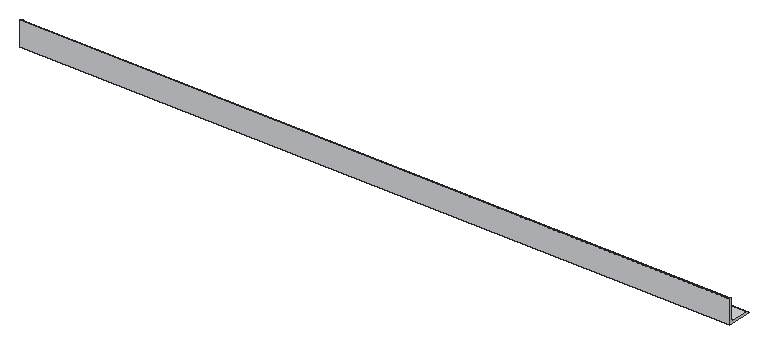
Revit family "AVLN_Набор перемычек", category Обобщенные модели, Revit 2021
Family settings
  Основа = Стена
  Может служить основой для арматурных стержней = Нет
  Размер круглого соединителя = Использовать диаметр
  Тип детали = Нормальный
  Всегда вертикально = Да
  При загрузке вырезать с полостями = Нет
  Общий = Да
  Точка принадлежности помещению = Нет
Parameters (values of type "АР3.1_ПР14_У_120_3630")
  Элемент 9(3) = Перемычки - Пластина (ГОСТ 103-76) : 50х4, L=200
  Элемент 8(2)_Материал = none
  Элемент 8(2) = Перемычки - Уголок (ГОСТ 8509-93) : 160х10, L=190
  Элемент 9(3)_Материал = none
  Элемент 6(1)_Материал = none
  Элемент 6(1) = Перемычки - Уголок (ГОСТ 8509-93) : 160х10, L=190
  Элемент 5(1)_Материал = none
  Элемент 5(1) = Перемычки - Арматура (ГОСТ 34028-2016) : АIII ∅12, L=1500
  Элемент 4(1)_Материал = none
  Элемент 4(1) = Перемычки - Арматура (ГОСТ 34028-2016) : АIII ∅12, L=1500
  Элемент 3(1)_Материал = none
  Элемент 3(1) = Перемычки - Арматура (ГОСТ 34028-2016) : АIII ∅12, L=1500
  Элемент 2(1)_Материал = none
  Элемент 2(1) = Перемычки - Уголок (ГОСТ 8509-93)(Зеркальный) : 40х4, L=2150(Зеркальный)
  Элемент 1(1)_Материал = none
  Элемент 1(1) = Перемычки - Уголок (ГОСТ 8509-93) : 120х8, L=3630
  Ширина проема Элементы8(2)_9(3) = 3130 mm
  Элементы соединительные(3) = no
  Элементы горизонтальные(1) = yes
  Шаг анкера = 60 mm
  Стена_толщина = 120 mm
  Полка_правая = 250 mm
  Полка_левая = 250 mm
  Отступ анкера = 30 mm
  Отметка по умолчанию = 0 mm
  Область маскировки = yes
  Комментарии к типоразмеру = "Фасад_АР3.1"
  Количество анкеров на уголок = 2
  Горизонтальное смещение Элемент1-6(1) = (Полка_правая - Полка_левая) / 2  # 0 mm
  Расчетное расстояние от произвольной плоскости = Расстояние от вспомогательной плоскости + [Горизонтальное смещение Элемент1-6(1)]  # 2500 mm
  Расстояние от вспомогательной плоскости = 2500 mm  # constant formula
  Соединительные Привязка_Элемент 9(3) = ([Ширина проема Элементы8(2)_9(3)] - ([Количество соединительные Элементы 9(3)] - 1) * [Шаг соединительные Элементы 9(3)]) / 2  # 1315 mm
  Количество соединительные Элементы 9(3) = 2
  Шаг соединительные Элементы 9(3) = 500 mm
  Высота Элемент 8(2) = 10 mm
  Элементы крепления(2) = no
  Отступ Элемент 8(2) = 0 mm
  Высота Элемент 9(3) = -4 mm
  Высота Элемент 6(1) = 0 mm
  Элемент 6(1)_Видимость = if(and([Элементы горизонтальные(1)]), Количество горизонтальных элементов > 5, Видимость_not)  # no
  Высота Элемент 5(1) = 0 mm
  Элемент 5(1)_Видимость = if(and([Элементы горизонтальные(1)]), Количество горизонтальных элементов > 4, Видимость_not)  # no
  Высота Элемент 4(1) = 0 mm
  Элемент 4(1)_Видимость = if(and([Элементы горизонтальные(1)]), Количество горизонтальных элементов > 3, Видимость_not)  # no
  Высота Элемент 3(1) = 0 mm
  Элемент 3(1)_Видимость = if(and([Элементы горизонтальные(1)]), Количество горизонтальных элементов > 2, Видимость_not)  # no
  Высота Элемент 2(1) = 0 mm
  Элемент 2(1)_Видимость = if(and([Элементы горизонтальные(1)]), Количество горизонтальных элементов > 1, Видимость_not)  # no
  Высота Элемент 1(1) = 8 mm
  Отступ от 5 до 6 = 0 mm
  Отступ от 4 до 5 = 0 mm
  Отступ от 3 до 4 = 0 mm
  Отступ от 2 до 3 = 0 mm
  Отступ от 1 до 2 = 192 mm
  Отступ до Элемент 1 = 0 mm
  Область видимости_По высоте вниз [instance] = 1200 mm
  Крепление_Справа_Видимость = if(and([Элементы крепления(2)], [Крепление_Справа(2)]), [Видимость Элемент 8(2)], Видимость_not)  # no
  Крепление_Справа(2) = no
  Крепление_Слева_Видимость = if(and([Элементы крепления(2)], [Крепление_Слева(2)]), [Видимость Элемент 8(2)], Видимость_not)  # no
  Крепление_Слева(2) = no
  Количество горизонтальных элементов = 1
  Группа модели = "Перемычки"  # constant formula
  Высота Анкер = 30 mm
  Видимость Элемент 8(2) = Видимость_Определение = 1 mm  # yes
  Видимость_Определение = 1 mm  # constant formula
  Видимость_not = Видимость_Определение = 2 mm  # no
  Анкер_справа_3_Видимость = and(Анкер справа, Количество анкеров на уголок > 2)  # no
  Анкер_справа_2_видимость = and(Анкер справа, Количество анкеров на уголок > 1)  # no
  Анкер_справа_1_видимость = and(Анкер справа, Количество анкеров на уголок > 0)  # no
  Анкер_слева_3_видимость = and(Анкер слева, Количество анкеров на уголок > 2)  # no
  Анкер_слева_2_видимость = and(Анкер слева, Количество анкеров на уголок > 1)  # no
  Анкер_слева_1_видимость = and(Анкер слева, Количество анкеров на уголок > 0)  # no
  Анкер справа = no
  Анкер слева = no
Reference planes
  plane 1 "Стена": y = 0
  plane 2 "По центру (Влево/Вправо)": x = 125
  plane 3 "Назад": y = 150
  plane 4: z = 0
  plane 5: y = -150
  plane 6: y = -150
  plane 7: y = 42
  plane 8: y = 42
  plane 9: y = 42
  plane 10: y = 42
  plane 11: y = 42
  plane 12: x = 1690
  plane 13: x = -1440
  plane 14: y = 360
  plane 15: x = -2375
  plane 16 "Анкер1": y = -120
  plane 17 "Анкер2": y = -60
  plane 18: x = 1940
  plane 19: x = -1690
  plane 20 "нкер3": y = 0
Lines and regions (mm)
  model lines, style "InvisibleLines"
    curve 1: line (125, 0, 0) -> (125, 0, -1200)
Text (mm)
  text "Сторона размещения" at (-2895.44, 3293.409, 0), in view "Опорный уровень"
  text "Сторона размещения" at (0, 1409.804, 2854.306), in view "Слева"
  text "Сторона размещения" at (0, 499.811, 2980.732), in view "Справа"
Dimensions and locks
  plane 3 "Назад" to plane 3 "Назад" = 0 mm
  "Отступ до Элемент 1": plane 6 to plane 5
  "Отступ от 1 до 2": plane 7 to plane 6
  "Отступ от 2 до 3": plane 8 to plane 7
  "Отступ от 3 до 4": plane 9 to plane 8
  "Отступ от 4 до 5": plane 10 to plane 9
  equal spacing: plane 13, plane 2 "По центру (Влево/Вправо)", plane 12
  "Ширина проема Элементы8(2)_9(3)": plane 13 to plane 12
  plane 13 to plane 12 = 3130 mm
  "Отступ Элемент 8(2)": nested 9 to plane 5
  "Отступ Элемент 8(2)": nested 8 to plane 5
  "Расстояние от вспомогательной плоскости": plane 15 to plane 2 "По центру (Влево/Вправо)"
  "Расчетное расстояние от произвольной плоскости": plane 15 to nested 2
  "Расчетное расстояние от произвольной плоскости": plane 15 to nested 3
  "Расчетное расстояние от произвольной плоскости": plane 15 to nested 4
  "Расчетное расстояние от произвольной плоскости": plane 15 to nested 7
  "Расчетное расстояние от произвольной плоскости": plane 15 to nested 5
  "Расчетное расстояние от произвольной плоскости": plane 15 to nested 6
  "Область видимости_По высоте вниз": level to curve 1
  "Область видимости_По высоте вниз": curve 1 to level
  "Соединительные Привязка_Элемент 9(3)": plane 13 to nested 10
  group 1 to group 2 = 500 mm
  group 2 to group 1 = 0 mm
  group 1 to group 2 = 0 mm
  plane 5 to nested 1 to plane 3 "Назад" = 150 mm, 150 mm
  plane 6 to plane 5 = 0 mm
  "Отступ анкера": plane 16 "Анкер1" to plane 5
  "Шаг анкера": plane 17 "Анкер2" to plane 16 "Анкер1"
  "Отступ от 5 до 6": plane 10 to plane 11
  plane 2 "По центру (Влево/Вправо)" to nested 2 = 0 mm
  "Полка_правая": plane 18 to plane 12
  "Полка_левая": plane 19 to plane 13
  "Шаг анкера": plane 17 "Анкер2" to plane 20 "нкер3"
  aligned and locked: plane 1 "Стена" to host wall
  aligned and locked: level to plane 4
  aligned and locked: host wall to plane 5
  aligned and locked: curve 1 to host wall
  aligned and locked: plane 6 to nested 2
  aligned and locked: nested 3 to plane 7
  aligned and locked: nested 4 to plane 8
  aligned and locked: nested 5 to plane 10
  aligned and locked: nested 6 to plane 11
  aligned and locked: nested 7 to plane 9
  aligned and locked: plane 2 "По центру (Влево/Вправо)" to nested 1
  aligned and locked: nested 11 to plane 6
  aligned and locked: nested 10 to plane 6
  aligned and locked: plane 17 "Анкер2" to nested 12
  aligned and locked: plane 16 "Анкер1" to nested 14
  aligned and locked: nested 13 to plane 17 "Анкер2"
  aligned and locked: nested 15 to plane 16 "Анкер1"
  aligned and locked: nested 1 to host wall
  aligned and locked: plane 18 to nested 8
  aligned and locked: plane 18 to nested 12
  aligned and locked: plane 18 to nested 14
  aligned and locked: plane 19 to nested 9
  aligned and locked: nested 13 to plane 19
  aligned and locked: nested 15 to plane 19
  aligned and locked: nested 16 to plane 20 "нкер3"
  aligned and locked: nested 17 to plane 19
  aligned and locked: plane 18 to nested 16
  aligned and locked: plane 20 "нкер3" to nested 17
  aligned and locked: nested 8 to level
  aligned and locked: nested 2 to level
Automatic sketch dimensions
  plane 2 "По центру (Влево/Вправо)" to curve 1 = 0 mm
  curve 1 to level = 0 mm
Nested families
  nested 1: "Прозрачный прямоугольник - Элементы узлов" at (125, -60, 0), b <- "Ширина проема Элементы8(2)_9(3)", visible <- "Область маскировки", Полка_левая <- "Полка_левая", Полка_правая <- "Полка_правая", a <- "Стена_толщина", ADSK_Обозначение <- "Комментарии к типоразмеру", type "Прозрачный прямоугольник - Элементы узлов"
    with Полка_правая 250 mm, Полка_левая 250 mm, b 3130 mm, a 120 mm, ADSK_Обозначение "Фасад_АР3.1"
  nested 2: "Перемычки - Уголок (ГОСТ 8509-93)" at (125, -142.2, 8), type <- "Элемент 1(1)", built-in parameter 1001364 <- "Высота Элемент 1(1)", Structural Material <- "Элемент 1(1)_Материал", visible <- "Элементы горизонтальные(1)", ADSK_Обозначение <- "Комментарии к типоразмеру", type "120х8, L=3630"
    with ADSK_Обозначение "Фасад_АР3.1", Масса 0.00 kg, b_Ширина 120 mm, L_Длина 3630 mm
  nested 3: "Перемычки - Уголок (ГОСТ 8509-93)(Зеркальный)" at (125, 49.8, 0), type <- "Элемент 2(1)", built-in parameter 1001364 <- "Высота Элемент 2(1)", visible <- "Элемент 2(1)_Видимость", Structural Material <- "Элемент 2(1)_Материал", ADSK_Обозначение <- "Комментарии к типоразмеру", type "40х4, L=2150(Зеркальный)"
    with ADSK_Обозначение "Фасад_АР3.1", Масса 5.203 kg, t_Толщина 4 mm, b_Ширина 40 mm, L_Длина 2150 mm
  nested 4: "Перемычки - Арматура (ГОСТ 34028-2016)" at (125, 48, 0), type <- "Элемент 3(1)", built-in parameter 1001364 <- "Высота Элемент 3(1)", visible <- "Элемент 3(1)_Видимость", Structural Material <- "Элемент 3(1)_Материал", ADSK_Обозначение <- "Комментарии к типоразмеру", type "АIII ∅12, L=1500"
    with Область маскировки yes, q 10.2 mm, k 17.109 mm, ADSK_Обозначение "Фасад_АР3.1", Масса 1.33105 kg, Длина 1500 mm, r 6 mm, d_Диаметр 12 mm
  nested 5: "Перемычки - Арматура (ГОСТ 34028-2016)" at (125, 48, 0), built-in parameter 1001364 <- "Высота Элемент 5(1)", visible <- "Элемент 5(1)_Видимость", type <- "Элемент 5(1)", Structural Material <- "Элемент 5(1)_Материал", ADSK_Обозначение <- "Комментарии к типоразмеру", type "АIII ∅12, L=1500"
    with Область маскировки yes, q 10.2 mm, k 17.109 mm, ADSK_Обозначение "Фасад_АР3.1", Масса 1.33105 kg, Длина 1500 mm, r 6 mm, d_Диаметр 12 mm
  nested 6: "Перемычки - Уголок (ГОСТ 8509-93)" at (125, 49.8, 0), type <- "Элемент 6(1)", built-in parameter 1001364 <- "Высота Элемент 6(1)", visible <- "Элемент 6(1)_Видимость", Structural Material <- "Элемент 6(1)_Материал", ADSK_Обозначение <- "Комментарии к типоразмеру", type "160х10, L=190"
    with ADSK_Обозначение "Фасад_АР3.1", Масса 4.6873 kg, t_Толщина 10 mm, b_Ширина 160 mm, L_Длина 190 mm
  nested 7: "Перемычки - Арматура (ГОСТ 34028-2016)" at (125, 48, 0), type <- "Элемент 4(1)", built-in parameter 1001364 <- "Высота Элемент 4(1)", visible <- "Элемент 4(1)_Видимость", Structural Material <- "Элемент 4(1)_Материал", ADSK_Обозначение <- "Комментарии к типоразмеру", type "АIII ∅12, L=1500"
    with Область маскировки yes, q 10.2 mm, k 17.109 mm, ADSK_Обозначение "Фасад_АР3.1", Масса 1.33105 kg, Длина 1500 mm, r 6 mm, d_Диаметр 12 mm
  nested 8: "Перемычки - Уголок (ГОСТ 8509-93)" at (1932.2, -55, 10) x (0, 1, 0) z (0, 0, 1), type <- "Элемент 8(2)", built-in parameter 1001364 <- "Высота Элемент 8(2)", visible <- "Крепление_Справа_Видимость", Structural Material <- "Элемент 8(2)_Материал", ADSK_Обозначение <- "Комментарии к типоразмеру", type "160х10, L=190"
    with ADSK_Обозначение "Фасад_АР3.1", Масса 4.6873 kg, t_Толщина 10 mm, b_Ширина 160 mm, L_Длина 190 mm
  nested 9: "Перемычки - Уголок (ГОСТ 8509-93)" at (-1682.2, -55, 10) x (0, 1, 0) z (0, 0, 1), type <- "Элемент 8(2)", built-in parameter 1001364 <- "Высота Элемент 8(2)", visible <- "Крепление_Слева_Видимость", Structural Material <- "Элемент 8(2)_Материал", ADSK_Обозначение <- "Комментарии к типоразмеру", type "160х10, L=190"
    with ADSK_Обозначение "Фасад_АР3.1", Масса 4.6873 kg, t_Толщина 10 mm, b_Ширина 160 mm, L_Длина 190 mm
  nested 10: "Перемычки - Пластина (ГОСТ 103-76)" at (-125, -50, -4) x (0, 1, 0) z (0, 0, 1), type <- "Элемент 9(3)", built-in parameter 1001364 <- "Высота Элемент 9(3)", visible <- "Элементы соединительные(3)", Structural Material <- "Элемент 9(3)_Материал", ADSK_Обозначение <- "Комментарии к типоразмеру", type "50х4, L=200"
    with ADSK_Обозначение "Фасад_АР3.1", Масса 0.314 kg, t_Толщина 4 mm, b_Ширина 50 mm, L_Длина 200 mm
  nested 11: "Перемычки - Пластина (ГОСТ 103-76)" at (375, -50, -4) x (0, 1, 0) z (0, 0, 1), type <- "Элемент 9(3)", built-in parameter 1001364 <- "Высота Элемент 9(3)", visible <- "Элементы соединительные(3)", Structural Material <- "Элемент 9(3)_Материал", ADSK_Обозначение <- "Комментарии к типоразмеру", type "50х4, L=200"
    with ADSK_Обозначение "Фасад_АР3.1", Масса 0.314 kg, t_Толщина 4 mm, b_Ширина 50 mm, L_Длина 200 mm
  nested 12: "Перемычки - Анкер" at (1932, -54.6, 30), visible <- "Анкер_справа_2_видимость", built-in parameter 1001364 <- "Высота Анкер", ADSK_Обозначение <- "Комментарии к типоразмеру", type "Анкер-шпилька HSAхМ8х75"
    with ADSK_Обозначение "Фасад_АР3.1", Масса 0.031 kg
  nested 13: "Перемычки - Анкер" at (-1682, -65.4, 30) x (-1, 0, 0) z (0, 0, 1), visible <- "Анкер_слева_2_видимость", built-in parameter 1001364 <- "Высота Анкер", ADSK_Обозначение <- "Комментарии к типоразмеру", type "Анкер-шпилька HSAхМ8х75"
    with ADSK_Обозначение "Фасад_АР3.1", Масса 0.031 kg
  nested 14: "Перемычки - Анкер" at (1932, -114.6, 30), visible <- "Анкер_справа_1_видимость", built-in parameter 1001364 <- "Высота Анкер", ADSK_Обозначение <- "Комментарии к типоразмеру", type "Анкер-шпилька HSAхМ8х75"
    with ADSK_Обозначение "Фасад_АР3.1", Масса 0.031 kg
  nested 15: "Перемычки - Анкер" at (-1682, -125.4, 30) x (-1, 0, 0) z (0, 0, 1), visible <- "Анкер_слева_1_видимость", built-in parameter 1001364 <- "Высота Анкер", ADSK_Обозначение <- "Комментарии к типоразмеру", type "Анкер-шпилька HSAхМ8х75"
    with ADSK_Обозначение "Фасад_АР3.1", Масса 0.031 kg
  nested 16: "Перемычки - Анкер" at (1932, 5.4, 30), visible <- "Анкер_справа_3_Видимость", built-in parameter 1001364 <- "Высота Анкер", ADSK_Обозначение <- "Комментарии к типоразмеру", type "Анкер-шпилька HSAхМ8х75"
    with ADSK_Обозначение "Фасад_АР3.1", Масса 0.031 kg
  nested 17: "Перемычки - Анкер" at (-1682, -5.4, 30) x (-1, 0, 0) z (0, 0, 1), visible <- "Анкер_слева_3_видимость", built-in parameter 1001364 <- "Высота Анкер", ADSK_Обозначение <- "Комментарии к типоразмеру", type "Анкер-шпилька HSAхМ8х75"
    with ADSK_Обозначение "Фасад_АР3.1", Масса 0.031 kg
Definition of nested family "Перемычки - Уголок (ГОСТ 8509-93)"
  Parameters (values of type "125х8, L=200")
    Сталь по настоящему стандарту = "С245 ГОСТ 27772-88"
    Description = "Уголки"  # constant formula
    Обозначение стандарта на сортамент = "ГОСТ 8509-93"  # constant formula
    Обозначение = "ГОСТ 8509-93"
    Наименование = ""
    Масса = size_lookup(Lookup, "Масса", 0.00 kg, b_Ширина, t_Толщина) / 1000 mm * L_Длина  # 3.092 kg
    Model = "Элементы перемычек"  # constant formula
    t_Толщина = 8 mm
    b_Ширина = 125 mm
    Lookup = "ГОСТ 8509-93. Уголки стальные горячекатаные равнополочные"  # constant formula
    L_Длина = 200 mm
    ADSK_Обозначение [instance] = ""
  Reference planes
    plane 1: z = 0
    plane 2 "По центру (Влево/Вправо)": x = 0
    plane 3: x = -100
    plane 4: x = 100
    plane 5: y = -7.8
  Forms (mm)
    Sweep 1, solid
      path origin (0, -7.8, -7.8) x (1, 0, 0) y (0, 1, 0)
        loop
          line (-100, 0) -> (100, 0)
      profile "Уголок (ГОСТ 8509-93)-Профиль-Высокий : Уголок (ГОСТ 8509-93)-Профиль-Высокий" origin (0, -7.8, -7.8) x (0, 1, 0) y (0, 0, 1)
        loop
          line (-8, 124.8) -> (-8, -0.2) -> (117, -0.2)
          arc (117, -0.2) -> (114.657, 5.457) -> (109, 7.8) r 8
          line (109, 7.8) -> (20.833, 7.8)
          arc (20.833, 7.8) -> (6.102, 13.902) -> (0, 28.633) r 20.833
          line (0, 28.633) -> (0, 116.8)
          arc (0, 116.8) -> (-2.343, 122.457) -> (-8, 124.8) r 8
  Dimensions and locks
    equal spacing: plane 3, plane 2 "По центру (Влево/Вправо)", plane 4
    "L_Длина": plane 3 to plane 4
    aligned and locked: plane 1 to level
    aligned and locked: Sweep 1 to plane 5
    aligned and locked: level to Sweep 1
  Automatic sketch dimensions
    Sweep 1 sketch curve to plane 3 = 0 mm
    Sweep 1 sketch curve to plane 4 = 0 mm
    Sweep 1 sketch curve to plane 5 = 0 mm
Definition of nested family "Перемычки - Уголок (ГОСТ 8509-93)(Зеркальный)"
  Parameters (values of type "50х6, L=1030(Зеркальный)")
    Сталь по настоящему стандарту = "С245 ГОСТ 27772-88"
    Description = "Уголки"  # constant formula
    Обозначение стандарта на сортамент = "ГОСТ 8509-93"  # constant formula
    Обозначение = "ГОСТ 8509-93"
    Наименование = "50x50x8 ГОСТ 8509-93"
    Масса = size_lookup(Lookup, "Масса", 0.00 kg, b_Ширина, t_Толщина) / 1000 mm * L_Длина  # 4.6041 kg
    Model = "Элементы перемычек"  # constant formula
    t_Толщина = 6 mm
    b_Ширина = 50 mm
    Lookup = "ГОСТ 8509-93. Уголки стальные горячекатаные равнополочные"  # constant formula
    L_Длина = 1030 mm
    ADSK_Обозначение [instance] = ""
  Reference planes
    plane 1: z = 0
    plane 2 "По центру (Влево/Вправо)": x = 0
    plane 3: x = -515
    plane 4: x = 515
    plane 5: y = -7.8
  Forms (mm)
    Sweep 1, solid
      path origin (0, -7.8, -7.8) x (1, 0, 0) y (0, 1, 0)
        loop
          line (-515, 0) -> (515, 0)
      profile "Уголок (ГОСТ 8509-93)-Профиль-Высокий : Уголок (ГОСТ 8509-93)-Профиль-Высокий" origin (0, -7.8, -7.8) x (0, 1, 0) y (0, 0, 1)
        loop
          arc (6, 51.8) -> (1.757, 50.043) -> (0, 45.8) r 6
          line (0, 45.8) -> (0, 16.133)
          arc (0, 16.133) -> (-2.441, 10.241) -> (-8.333, 7.8) r 8.333
          line (-8.333, 7.8) -> (-38, 7.8)
          arc (-38, 7.8) -> (-42.243, 6.043) -> (-44, 1.8) r 6
          line (-44, 1.8) -> (6, 1.8) -> (6, 51.8)
  Dimensions and locks
    equal spacing: plane 3, plane 2 "По центру (Влево/Вправо)", plane 4
    "L_Длина": plane 3 to plane 4
    aligned and locked: plane 1 to level
    aligned and locked: plane 5 to Sweep 1
    aligned and locked: level to Sweep 1
  Automatic sketch dimensions
    Sweep 1 sketch curve to plane 3 = 0 mm
    Sweep 1 sketch curve to plane 4 = 0 mm
    plane 5 to Sweep 1 sketch curve = 0 mm
Definition of nested family "Перемычки - Арматура (ГОСТ 34028-2016)"
  Parameters (values of type "АIII ∅16, L=1110")
    Description = "Арматура"  # constant formula
    Обозначение = "34028-2016"  # constant formula
    Область маскировки [instance] = yes
    Наименование = "АIII ∅16, L=1500"
    Масса = d_Диаметр * d_Диаметр * 3.14 / 4 * Длина * 7850.0000 kg/m³  # 1.75106 kg
    Длина = 1110 mm
    Model = "Элементы перемычек"  # constant formula
    r = d_Диаметр / 2  # 8 mm
    q [instance] = r * 1.7  # 13.6 mm
    k [instance] = 17.109 mm
    d_Диаметр = 16 mm
    ADSK_Обозначение [instance] = ""
  Reference planes
    plane 1 "По центру (Вперед/Назад)": y = 0
    plane 2: z = 0
    plane 3 "По центру (Влево/Вправо)": x = 0
    plane 4: x = -555
    plane 5: x = 555
    plane 6: z = 8
    plane 7: y = 8
    plane 8: z = 16
    plane 9: y = -8
    plane 10: z = 21.6
    plane 11: y = 17.109
    plane 12: y = -13.6
  Forms (mm)
    Extrusion 1, solid
      sketch origin (0, 0, 0) x (0, 1, 0) y (0, 0, 1)
        loop
          circle (0, 8) r 8
      from -555 to 555
  Lines and regions (mm)
    Masking region 1, visible <- "Область маскировки"
      outline origin (0, 0, 0) x (0, 1, 0) y (0, 0, 1)
        loop
          line (17.109, 21.6) -> (-8, 21.6) -> (-17.718, 0) -> (-0.597, 0) -> (-1.534, 0.149)
          arc (-1.534, 0.149) -> (-0.09, 15.999) -> (1.712, 0.185) r 8
          line (1.712, 0.185) -> (0.866, 0) -> (17.109, 0) -> (17.109, 21.6)
  Dimensions and locks
    equal spacing: plane 4, plane 3 "По центру (Влево/Вправо)", plane 5
    "Длина": plane 4 to plane 5
    "r": plane 6 to level
    "r": plane 7 to plane 1 "По центру (Вперед/Назад)"
    "r": plane 8 to plane 6
    "r": plane 9 to plane 1 "По центру (Вперед/Назад)"
    "k": plane 11 to plane 1 "По центру (Вперед/Назад)"
    "q": plane 10 to plane 6
    "q": plane 1 "По центру (Вперед/Назад)" to plane 12
    "r": radius of Extrusion 1 sketch curve
    "r": radius of Masking region 1 sketch curve
    aligned and locked: plane 2 to level
    aligned and locked: Extrusion 1 to plane 4
    aligned and locked: plane 5 to Extrusion 1
  Automatic sketch dimensions
    Extrusion 1 sketch curve to plane 1 "По центру (Вперед/Назад)" = 0 mm
    Extrusion 1 sketch curve to plane 6 = 0 mm
    Masking region 1 sketch curve to level = 0 mm  (x3)
    Masking region 1 sketch curve to plane 9 = 0 mm
    Masking region 1 sketch curve to plane 1 "По центру (Вперед/Назад)" = 0 mm
    Masking region 1 sketch curve to plane 11 = 0 mm
    Masking region 1 sketch curve to plane 6 = 0 mm
    Masking region 1 sketch curve to plane 10 = 0 mm
    plane 12 to Masking region 1 sketch curve = 4.118 mm
    level to Masking region 1 sketch curve = 0.149 mm
    level to Masking region 1 sketch curve = 0.185 mm
    plane 1 "По центру (Вперед/Назад)" to Masking region 1 sketch curve = 0.597 mm
    Masking region 1 sketch curve to plane 1 "По центру (Вперед/Назад)" = 0.866 mm
Definition of nested family "Перемычки - Пластина (ГОСТ 103-76)"
  Parameters (values of type "80х6, L=250")
    Сталь по настоящему стандарту = "С245 ГОСТ 27772-88"
    Description = "Пластины"  # constant formula
    Обозначение стандарта на сортамент = "ГОСТ 103-76"  # constant formula
    Обозначение = "ГОСТ 103-76"  # constant formula
    Наименование = "250х80х6 ГОСТ 103-76"
    Масса = t_Толщина * b_Ширина * L_Длина * 7850.0000 kg/m³  # 0.942 kg
    Model = "Элементы перемычек"  # constant formula
    t_Толщина = 6 mm
    b_Ширина = 80 mm
    L_Длина = 250 mm
    ADSK_Обозначение [instance] = ""
  Reference planes
    plane 1 "По центру (Вперед/Назад)": y = 0
    plane 2: z = 0
    plane 3 "По центру (Влево/Вправо)": x = 0
    plane 4: x = -125
    plane 5: x = 125
    plane 6: y = -40
    plane 7: z = -6
    plane 8: y = 40
  Forms (mm)
    Extrusion 1, solid
      sketch origin (0, 0, 0) x (1, 0, 0) y (0, 1, 0)
        loop
          line (-125, 40) -> (-125, -40) -> (125, -40) -> (125, 40) -> (-125, 40)
      from 0 to -6
  Dimensions and locks
    equal spacing: plane 4, plane 3 "По центру (Влево/Вправо)", plane 5
    "L_Длина": plane 4 to plane 5
    "t_Толщина": level to plane 7
    equal spacing: plane 8, plane 1 "По центру (Вперед/Назад)", plane 6
    "b_Ширина": plane 8 to plane 6
    aligned and locked: plane 2 to level
    aligned and locked: plane 4 to Extrusion 1 sketch curve
    aligned and locked: plane 6 to Extrusion 1 sketch curve
    aligned and locked: Extrusion 1 sketch curve to plane 5
    aligned and locked: Extrusion 1 to plane 7
    aligned and locked: Extrusion 1 sketch curve to plane 8
Definition of nested family "Перемычки - Анкер"
  Parameters (values of type "Анкер-шпилька HSAхМ8х75")
    Сталь по настоящему стандарту = ""
    Description = "Анкера"  # constant formula
    Обозначение стандарта на сортамент = ""
    Обозначение = ""
    Наименование = "Анкер-шпилька HSAхМ8х75"
    Масса = 0.00 kg
    Model = "Элементы перемычек"  # constant formula
    t_Толщина = 8 mm
    b_Ширина = 12 mm
    Lookup = ""
    L_Длина = 75 mm
    ADSK_Обозначение [instance] = ""
  Reference planes
    plane 1: z = 0
    plane 2 "По центру (Влево/Вправо)": x = 0
    plane 3: x = 75
    plane 4: y = -5.4
    plane 5: x = 8
  Forms (mm)
    Sweep 1, solid
      path origin (0, -5.4, -1.174) x (1, 0, 0) y (0, 0, 1)
        loop
          line (75, 1.174) -> (0, 1.174)
      profile origin (37.5, -5.4, 0) x (0, 0, -1) y (0, -1, 0)
        loop
          circle (0, 0) r 4
    Extrusion 2, solid
      sketch origin (0, -5.4, 0) x (0, -1, 0) y (0, 0, 1)
        loop
          circle (0, 0) r 4
        loop
          circle (0, 0) r 12
      from -8 to 0
  Dimensions and locks
    plane 2 "По центру (Влево/Вправо)" to plane 3 = 75 mm
    "L_Длина": plane 2 "По центру (Влево/Вправо)" to plane 3
    plane 2 "По центру (Влево/Вправо)" to plane 5 = 8 mm
    "t_Толщина": diameter of Sweep 1 sketch curve
    "t_Толщина": diameter of Extrusion 2 sketch curve
    "b_Ширина": radius of Extrusion 2 sketch curve
    aligned and locked: plane 1 to level
    aligned and locked: Sweep 1 sketch curve to plane 1
    aligned and locked: plane 2 "По центру (Влево/Вправо)" to Sweep 1 sketch curve
    aligned and locked: plane 3 to Sweep 1 sketch curve
    aligned and locked: plane 5 to Extrusion 2
    aligned and locked: Extrusion 2 to plane 2 "По центру (Влево/Вправо)"
  Automatic sketch dimensions
    Sweep 1 sketch curve to plane 4 = 0 mm
    Sweep 1 sketch curve to profile plane = 0 mm
    Extrusion 2 sketch curve to Extrusion 2 sketch curve = 0 mm  (x2)
Definition of nested family "Прозрачный прямоугольник - Элементы узлов"
  Parameters (values of type "Прозрачный прямоугольник - Элементы узлов")
    Полка_правая [instance] = 100 mm
    Полка_левая [instance] = 100 mm
    b [instance] = 300 mm
    a [instance] = 300 mm
    ADSK_Обозначение [instance] = ""
  Reference planes
    plane 1 "По центру (Вперед/Назад)": y = 0
    plane 2: z = 0
    plane 3 "По центру (Влево/Вправо)": x = 0
    plane 4: x = -150
    plane 5: x = 150
    plane 6: y = 300
    plane 7: y = 150
    plane 8 "полка левая": x = -250
    plane 9 "полка правая": x = 250
  Lines and regions (mm)
    detail lines, in view "Опорный уровень"
      curve 1: line (-250, 300, 0) -> (250, 300, 0)
      curve 2: line (-250, 0, 0) -> (-250, 300, 0)
      curve 3: line (250, 0, 0) -> (-250, 0, 0)
      curve 4: line (250, 300, 0) -> (250, 0, 0)
      curve 5: line (-150, 300, 0) -> (-150, 0, 0)
      curve 6: line (150, 300, 0) -> (150, 0, 0)
  Dimensions and locks
    equal spacing: plane 4, plane 3 "По центру (Влево/Вправо)", plane 5
    "a": plane 1 "По центру (Вперед/Назад)" to plane 6
    "b": plane 4 to plane 5
    equal spacing: plane 1 "По центру (Вперед/Назад)", plane 7, plane 6
    "Полка_правая": plane 5 to plane 9 "полка правая"
    "Полка_левая": plane 8 "полка левая" to plane 4
    aligned and locked: curve 1 to plane 6
    aligned and locked: curve 3 to plane 1 "По центру (Вперед/Назад)"
    aligned and locked: curve 4 to plane 9 "полка правая"
    aligned and locked: plane 8 "полка левая" to curve 2
    aligned and locked: curve 5 to plane 4
    aligned and locked: curve 6 to plane 5
    aligned and locked: plane 6 to curve 5
    aligned and locked: plane 1 "По центру (Вперед/Назад)" to curve 5
Types (54, lengths in mm): name | Элемент 9(3) | Элемент 8(2) | Элемент 6(1) | Элемент 5(1) | Элемент 4(1) | Элемент 3(1) | Элемент 2(1) | Элемент 1(1) | Ширина проема Элементы8(2)_9(3) | Элементы соединительные(3) | Шаг анкера | Стена_толщина | Полка_правая | Полка_левая | Отступ анкера | Комментарии к типоразмеру | Количество анкеров на уголок | Горизонтальное смещение Элемент1-6(1) | Расчетное расстояние от произвольной плоскости | Соединительные Привязка_Элемент 9(3) | Количество соединительные Элементы 9(3) | Высота Элемент 8(2) | Элементы крепления(2) | Отступ Элемент 8(2) | Высота Элемент 9(3) | Элемент 5(1)_Видимость | Элемент 4(1)_Видимость | Элемент 3(1)_Видимость | Элемент 2(1)_Видимость | Высота Элемент 1(1) | Отступ от 5 до 6 | Отступ от 4 до 5 | Отступ от 3 до 4 | Отступ от 2 до 3 | Отступ от 1 до 2 | Отступ до Элемент 1 | Крепление_Справа_Видимость | Крепление_Справа(2) | Крепление_Слева_Видимость | Крепление_Слева(2) | Количество горизонтальных элементов | Высота Анкер | Анкер_справа_3_Видимость | Анкер_справа_2_видимость | Анкер_справа_1_видимость | Анкер_слева_3_видимость | Анкер_слева_2_видимость | Анкер_слева_1_видимость | Анкер справа | Анкер слева
  АР3.1_ПР14_У_120_3630 | Перемычки - Пластина (ГОСТ 103-76) : 50х4, L=200 | Перемычки - Уголок (ГОСТ 8509-93) : 160х10, L=190 | Перемычки - Уголок (ГОСТ 8509-93) : 160х10, L=190 | Перемычки - Арматура (ГОСТ 34028-2016) : АIII ∅12, L=1500 | Перемычки - Арматура (ГОСТ 34028-2016) : АIII ∅12, L=1500 | Перемычки - Арматура (ГОСТ 34028-2016) : АIII ∅12, L=1500 | Перемычки - Уголок (ГОСТ 8509-93)(Зеркальный) : 40х4, L=2150(Зеркальный) | Перемычки - Уголок (ГОСТ 8509-93) : 120х8, L=3630 | 3130 | no | 60 | 120 | 250 | 250 | 30 | "Фасад_АР3.1" | 2 | 0 | 2500 | 1315 | 2 | 10 | no | 0 | -4 | no | no | no | no | 8 | 0 | 0 | 0 | 0 | 192 | 0 | no | no | no | no | 1 | 30 | no | no | no | no | no | no | no | no
  АР3.1_ПР7_У_120_2580 | Перемычки - Пластина (ГОСТ 103-76) : 50х4, L=200 | Перемычки - Уголок (ГОСТ 8509-93) : 160х10, L=190 | Перемычки - Уголок (ГОСТ 8509-93) : 160х10, L=190 | Перемычки - Арматура (ГОСТ 34028-2016) : АIII ∅12, L=1500 | Перемычки - Арматура (ГОСТ 34028-2016) : АIII ∅12, L=1500 | Перемычки - Арматура (ГОСТ 34028-2016) : АIII ∅12, L=1500 | Перемычки - Уголок (ГОСТ 8509-93)(Зеркальный) : 40х4, L=2150(Зеркальный) | Перемычки - Уголок (ГОСТ 8509-93) : 120х8, L=2580 | 2080 | no | 60 | 120 | 250 | 250 | 30 | "Фасад_АР3.1" | 2 | 0 | 2500 | 290 | 4 | 0 | no | 0 | -4 | no | no | no | no | 0 | 0 | 0 | 0 | 0 | 192 | 0 | no | no | no | no | 1 | 30 | no | no | no | no | no | no | no | no
  АР3.1_ПР17_У_120_5570 | Перемычки - Пластина (ГОСТ 103-76) : 50х4, L=200 | Перемычки - Уголок (ГОСТ 8509-93) : 160х10, L=190 | Перемычки - Уголок (ГОСТ 8509-93) : 160х10, L=190 | Перемычки - Арматура (ГОСТ 34028-2016) : АIII ∅12, L=1500 | Перемычки - Арматура (ГОСТ 34028-2016) : АIII ∅12, L=1500 | Перемычки - Арматура (ГОСТ 34028-2016) : АIII ∅12, L=1500 | Перемычки - Уголок (ГОСТ 8509-93)(Зеркальный) : 40х4, L=2150(Зеркальный) | Перемычки - Уголок (ГОСТ 8509-93) : 120х8, L=5570 | 5070 | no | 60 | 120 | 250 | 250 | 30 | "Фасад_АР3.1" | 2 | 0 | 2500 | 2285 | 2 | 0 | no | 0 | -4 | no | no | no | no | 0 | 0 | 0 | 0 | 0 | 192 | 0 | no | no | no | no | 1 | 30 | no | no | no | no | no | no | no | no
  АР3.1_ПР16_У_120_4160 | Перемычки - Пластина (ГОСТ 103-76) : 50х4, L=200 | Перемычки - Уголок (ГОСТ 8509-93) : 160х10, L=190 | Перемычки - Уголок (ГОСТ 8509-93) : 160х10, L=190 | Перемычки - Арматура (ГОСТ 34028-2016) : АIII ∅12, L=1500 | Перемычки - Арматура (ГОСТ 34028-2016) : АIII ∅12, L=1500 | Перемычки - Арматура (ГОСТ 34028-2016) : АIII ∅12, L=1500 | Перемычки - Уголок (ГОСТ 8509-93)(Зеркальный) : 40х4, L=2150(Зеркальный) | Перемычки - Уголок (ГОСТ 8509-93) : 120х8, L=4160 | 3660 | no | 60 | 120 | 250 | 250 | 30 | "Фасад_АР3.1" | 2 | 0 | 2500 | 1580 | 2 | 0 | no | 0 | -4 | no | no | no | no | 0 | 0 | 0 | 0 | 0 | 192 | 0 | no | no | no | no | 1 | 30 | no | no | no | no | no | no | no | no
  АР3.1_ПР9_У_120_2760 | Перемычки - Пластина (ГОСТ 103-76) : 50х4, L=200 | Перемычки - Уголок (ГОСТ 8509-93) : 160х10, L=190 | Перемычки - Уголок (ГОСТ 8509-93) : 160х10, L=190 | Перемычки - Арматура (ГОСТ 34028-2016) : АIII ∅12, L=1500 | Перемычки - Арматура (ГОСТ 34028-2016) : АIII ∅12, L=1500 | Перемычки - Арматура (ГОСТ 34028-2016) : АIII ∅12, L=1500 | Перемычки - Уголок (ГОСТ 8509-93)(Зеркальный) : 40х4, L=2150(Зеркальный) | Перемычки - Уголок (ГОСТ 8509-93) : 120х8, L=2760 | 2260 | no | 60 | 120 | 250 | 250 | 30 | "Фасад_АР3.1" | 2 | 0 | 2500 | 880 | 2 | 0 | no | 0 | -4 | no | no | no | no | 0 | 0 | 0 | 0 | 0 | 192 | 0 | no | no | no | no | 1 | 30 | no | no | no | no | no | no | no | no
  АР3.1_ПР3_У_120_1810 | Перемычки - Пластина (ГОСТ 103-76) : 50х4, L=200 | Перемычки - Уголок (ГОСТ 8509-93) : 160х10, L=190 | Перемычки - Уголок (ГОСТ 8509-93) : 160х10, L=190 | Перемычки - Арматура (ГОСТ 34028-2016) : АIII ∅12, L=1500 | Перемычки - Арматура (ГОСТ 34028-2016) : АIII ∅12, L=1500 | Перемычки - Арматура (ГОСТ 34028-2016) : АIII ∅12, L=1500 | Перемычки - Уголок (ГОСТ 8509-93)(Зеркальный) : 40х4, L=2150(Зеркальный) | Перемычки - Уголок (ГОСТ 8509-93) : 120х8, L=1810 | 1310 | no | 60 | 120 | 250 | 250 | 30 | "Фасад_АР3.1" | 2 | 0 | 2500 | 405 | 2 | 0 | no | 0 | -4 | no | no | no | no | 0 | 0 | 0 | 0 | 0 | 192 | 0 | no | no | no | no | 1 | 30 | no | no | no | no | no | no | no | no
  АР3.1_ПР8_У_120_2590 | Перемычки - Пластина (ГОСТ 103-76) : 50х4, L=200 | Перемычки - Уголок (ГОСТ 8509-93) : 160х10, L=190 | Перемычки - Уголок (ГОСТ 8509-93) : 160х10, L=190 | Перемычки - Арматура (ГОСТ 34028-2016) : АIII ∅12, L=1500 | Перемычки - Арматура (ГОСТ 34028-2016) : АIII ∅12, L=1500 | Перемычки - Арматура (ГОСТ 34028-2016) : АIII ∅12, L=1500 | Перемычки - Уголок (ГОСТ 8509-93)(Зеркальный) : 40х4, L=2150(Зеркальный) | Перемычки - Уголок (ГОСТ 8509-93) : 120х8, L=2590 | 2090 | no | 60 | 120 | 250 | 250 | 30 | "Фасад_АР3.1" | 2 | 0 | 2500 | 295 | 4 | 0 | no | 0 | -4 | no | no | no | no | 0 | 0 | 0 | 0 | 0 | 192 | 0 | no | no | no | no | 1 | 30 | no | no | no | no | no | no | no | no
  АР3.1_ПР13_У_120_3620 | Перемычки - Пластина (ГОСТ 103-76) : 50х4, L=200 | Перемычки - Уголок (ГОСТ 8509-93) : 160х10, L=190 | Перемычки - Уголок (ГОСТ 8509-93) : 160х10, L=190 | Перемычки - Арматура (ГОСТ 34028-2016) : АIII ∅12, L=1500 | Перемычки - Арматура (ГОСТ 34028-2016) : АIII ∅12, L=1500 | Перемычки - Арматура (ГОСТ 34028-2016) : АIII ∅12, L=1500 | Перемычки - Уголок (ГОСТ 8509-93)(Зеркальный) : 40х4, L=2150(Зеркальный) | Перемычки - Уголок (ГОСТ 8509-93) : 120х8, L=3620 | 3120 | no | 60 | 120 | 250 | 250 | 30 | "Фасад_АР3.1" | 2 | 0 | 2500 | 1310 | 2 | 0 | no | 0 | -4 | no | no | no | no | 0 | 0 | 0 | 0 | 0 | 192 | 0 | no | no | no | no | 1 | 30 | no | no | no | no | no | no | no | no
  АР3.1_ПР10_У_120_2850 | Перемычки - Пластина (ГОСТ 103-76) : 50х4, L=200 | Перемычки - Уголок (ГОСТ 8509-93) : 160х10, L=190 | Перемычки - Уголок (ГОСТ 8509-93) : 160х10, L=190 | Перемычки - Арматура (ГОСТ 34028-2016) : АIII ∅12, L=1500 | Перемычки - Арматура (ГОСТ 34028-2016) : АIII ∅12, L=1500 | Перемычки - Арматура (ГОСТ 34028-2016) : АIII ∅12, L=1500 | Перемычки - Уголок (ГОСТ 8509-93)(Зеркальный) : 40х4, L=2150(Зеркальный) | Перемычки - Уголок (ГОСТ 8509-93) : 120х8, L=2850 | 2350 | no | 60 | 120 | 250 | 250 | 30 | "Фасад_АР3.1" | 2 | 0 | 2500 | 425 | 4 | 0 | no | 0 | -4 | no | no | no | no | 0 | 0 | 0 | 0 | 0 | 192 | 0 | no | no | no | no | 1 | 30 | no | no | no | no | no | no | no | no
  АР3.1_ПР15_У_120_3800 | Перемычки - Пластина (ГОСТ 103-76) : 50х4, L=200 | Перемычки - Уголок (ГОСТ 8509-93) : 160х10, L=190 | Перемычки - Уголок (ГОСТ 8509-93) : 160х10, L=190 | Перемычки - Арматура (ГОСТ 34028-2016) : АIII ∅12, L=1500 | Перемычки - Арматура (ГОСТ 34028-2016) : АIII ∅12, L=1500 | Перемычки - Арматура (ГОСТ 34028-2016) : АIII ∅12, L=1500 | Перемычки - Уголок (ГОСТ 8509-93)(Зеркальный) : 40х4, L=2150(Зеркальный) | Перемычки - Уголок (ГОСТ 8509-93) : 120х8, L=3800 | 3300 | no | 60 | 120 | 250 | 250 | 30 | "Фасад_АР3.1" | 2 | 0 | 2500 | 1400 | 2 | 0 | no | 0 | -4 | no | no | no | no | 0 | 0 | 0 | 0 | 0 | 192 | 0 | no | no | no | no | 1 | 30 | no | no | no | no | no | no | no | no
  АР3.1_ПР11_У_120_3580 | Перемычки - Пластина (ГОСТ 103-76) : 50х4, L=200 | Перемычки - Уголок (ГОСТ 8509-93) : 160х10, L=190 | Перемычки - Уголок (ГОСТ 8509-93) : 160х10, L=190 | Перемычки - Арматура (ГОСТ 34028-2016) : АIII ∅12, L=1500 | Перемычки - Арматура (ГОСТ 34028-2016) : АIII ∅12, L=1500 | Перемычки - Арматура (ГОСТ 34028-2016) : АIII ∅12, L=1500 | Перемычки - Уголок (ГОСТ 8509-93)(Зеркальный) : 40х4, L=2150(Зеркальный) | Перемычки - Уголок (ГОСТ 8509-93) : 120х8, L=3580 | 3000 | no | 60 | 120 | 250 | 250 | 30 | "Фасад_АР3.1" | 2 | 0 | 2500 | 1250 | 2 | 0 | no | 0 | -4 | no | no | no | no | 0 | 0 | 0 | 0 | 0 | 192 | 0 | no | no | no | no | 1 | 30 | no | no | no | no | no | no | no | no
  АР3.1_ПР12_У_120_3610 | Перемычки - Пластина (ГОСТ 103-76) : 50х4, L=200 | Перемычки - Уголок (ГОСТ 8509-93) : 160х10, L=190 | Перемычки - Уголок (ГОСТ 8509-93) : 160х10, L=190 | Перемычки - Арматура (ГОСТ 34028-2016) : АIII ∅12, L=1500 | Перемычки - Арматура (ГОСТ 34028-2016) : АIII ∅12, L=1500 | Перемычки - Арматура (ГОСТ 34028-2016) : АIII ∅12, L=1500 | Перемычки - Уголок (ГОСТ 8509-93)(Зеркальный) : 40х4, L=2150(Зеркальный) | Перемычки - Уголок (ГОСТ 8509-93) : 120х8, L=3610 | 3110 | no | 60 | 120 | 250 | 250 | 30 | "Фасад_АР3.1" | 2 | 0 | 2500 | 805 | 4 | 0 | no | 0 | -4 | no | no | no | no | 0 | 0 | 0 | 0 | 0 | 192 | 0 | no | no | no | no | 1 | 30 | no | no | no | no | no | no | no | no
  АР3.1_ПР1_У_120_1290 | Перемычки - Пластина (ГОСТ 103-76) : 50х4, L=200 | Перемычки - Уголок (ГОСТ 8509-93) : 160х10, L=190 | Перемычки - Уголок (ГОСТ 8509-93) : 160х10, L=190 | Перемычки - Арматура (ГОСТ 34028-2016) : АIII ∅12, L=1500 | Перемычки - Арматура (ГОСТ 34028-2016) : АIII ∅12, L=1500 | Перемычки - Арматура (ГОСТ 34028-2016) : АIII ∅12, L=1500 | Перемычки - Уголок (ГОСТ 8509-93)(Зеркальный) : 40х4, L=2150(Зеркальный) | Перемычки - Уголок (ГОСТ 8509-93) : 120х8, L=1290 | 790 | no | 60 | 120 | 250 | 250 | 30 | "Фасад_АР3.1" | 2 | 0 | 2500 | 145 | 2 | 0 | no | 0 | -4 | no | no | no | no | 0 | 0 | 0 | 0 | 0 | 192 | 0 | no | no | no | no | 1 | 30 | no | no | no | no | no | no | no | no
  АР3.1_ПР6_У_120_2330 | Перемычки - Пластина (ГОСТ 103-76) : 50х4, L=200 | Перемычки - Уголок (ГОСТ 8509-93) : 160х10, L=190 | Перемычки - Уголок (ГОСТ 8509-93) : 160х10, L=190 | Перемычки - Арматура (ГОСТ 34028-2016) : АIII ∅12, L=1500 | Перемычки - Арматура (ГОСТ 34028-2016) : АIII ∅12, L=1500 | Перемычки - Арматура (ГОСТ 34028-2016) : АIII ∅12, L=1500 | Перемычки - Уголок (ГОСТ 8509-93)(Зеркальный) : 40х4, L=2150(Зеркальный) | Перемычки - Уголок (ГОСТ 8509-93) : 120х8, L=2330 | 1830 | no | 60 | 120 | 250 | 250 | 30 | "Фасад_АР3.1" | 2 | 0 | 2500 | 165 | 4 | 0 | no | 0 | -4 | no | no | no | no | 0 | 0 | 0 | 0 | 0 | 192 | 0 | no | no | no | no | 1 | 30 | no | no | no | no | no | no | no | no
  АР3.1_ПР2_У_120_1490 | Перемычки - Пластина (ГОСТ 103-76) : 50х4, L=200 | Перемычки - Уголок (ГОСТ 8509-93) : 160х10, L=190 | Перемычки - Уголок (ГОСТ 8509-93) : 160х10, L=190 | Перемычки - Арматура (ГОСТ 34028-2016) : АIII ∅12, L=1500 | Перемычки - Арматура (ГОСТ 34028-2016) : АIII ∅12, L=1500 | Перемычки - Арматура (ГОСТ 34028-2016) : АIII ∅12, L=1500 | Перемычки - Уголок (ГОСТ 8509-93)(Зеркальный) : 40х4, L=2150(Зеркальный) | Перемычки - Уголок (ГОСТ 8509-93) : 120х8, L=1490 | 990 | no | 60 | 120 | 250 | 250 | 30 | "Фасад_АР3.1" | 2 | 0 | 2500 | 245 | 2 | 0 | no | 0 | -4 | no | no | no | no | 0 | 0 | 0 | 0 | 0 | 192 | 0 | no | no | no | no | 1 | 30 | no | no | no | no | no | no | no | no
  АР3.1_ПР4_У_120_1940 | Перемычки - Пластина (ГОСТ 103-76) : 50х4, L=200 | Перемычки - Уголок (ГОСТ 8509-93) : 160х10, L=190 | Перемычки - Уголок (ГОСТ 8509-93) : 160х10, L=190 | Перемычки - Арматура (ГОСТ 34028-2016) : АIII ∅12, L=1500 | Перемычки - Арматура (ГОСТ 34028-2016) : АIII ∅12, L=1500 | Перемычки - Арматура (ГОСТ 34028-2016) : АIII ∅12, L=1500 | Перемычки - Уголок (ГОСТ 8509-93)(Зеркальный) : 40х4, L=2150(Зеркальный) | Перемычки - Уголок (ГОСТ 8509-93) : 120х8, L=1940 | 1440 | no | 60 | 120 | 250 | 250 | 30 | "Фасад_АР3.1" | 2 | 0 | 2500 | 470 | 2 | 0 | no | 0 | -4 | no | no | no | no | 0 | 0 | 0 | 0 | 0 | 192 | 0 | no | no | no | no | 1 | 30 | no | no | no | no | no | no | no | no
  АР3.1_ПР5_У_120_2070 | Перемычки - Пластина (ГОСТ 103-76) : 50х4, L=200 | Перемычки - Уголок (ГОСТ 8509-93) : 160х10, L=190 | Перемычки - Уголок (ГОСТ 8509-93) : 160х10, L=190 | Перемычки - Арматура (ГОСТ 34028-2016) : АIII ∅12, L=1500 | Перемычки - Арматура (ГОСТ 34028-2016) : АIII ∅12, L=1500 | Перемычки - Арматура (ГОСТ 34028-2016) : АIII ∅12, L=1500 | Перемычки - Уголок (ГОСТ 8509-93)(Зеркальный) : 40х4, L=2150(Зеркальный) | Перемычки - Уголок (ГОСТ 8509-93) : 120х8, L=2070 | 1570 | no | 60 | 120 | 250 | 250 | 30 | "Фасад_АР3.1" | 2 | 0 | 2500 | 35 | 4 | 0 | no | 0 | -4 | no | no | no | no | 0 | 0 | 0 | 0 | 0 | 192 | 0 | no | no | no | no | 1 | 30 | no | no | no | no | no | no | no | no
  АР1.2-АР1.5_ПР21_А_80_1180 | Перемычки - Пластина (ГОСТ 103-76) : 50х4, L=200 | Перемычки - Уголок (ГОСТ 8509-93) : 80х6, L=120 | Перемычки - Арматура (ГОСТ 34028-2016) : АIII ∅12, L=800 | Перемычки - Арматура (ГОСТ 34028-2016) : АIII ∅12, L=1180 | Перемычки - Арматура (ГОСТ 34028-2016) : АIII ∅12, L=1180 | Перемычки - Арматура (ГОСТ 34028-2016) : АIII ∅12, L=1180 | Перемычки - Арматура (ГОСТ 34028-2016) : АIII ∅12, L=1180 | Перемычки - Арматура (ГОСТ 34028-2016) : АIII ∅12, L=1180 | 800 | no | 100 | 80 | 200 | 180 | 50 | 0 | 2 | 10 | 2510 | 150 | 2 | -2.6 | no | 0 | 0 | no | no | yes | yes | 0 | 40 | 40 | 40 | 20 | 20 | 14 | no | no | no | no | 3 | 50 | no | no | no | no | no | no | no | no
  АР1.2-АР1.5_ПР22_А_80_1230 | Перемычки - Пластина (ГОСТ 103-76) : 50х4, L=200 | Перемычки - Уголок (ГОСТ 8509-93) : 80х6, L=120 | Перемычки - Арматура (ГОСТ 34028-2016) : АIII ∅12, L=800 | Перемычки - Арматура (ГОСТ 34028-2016) : АIII ∅12, L=1230 | Перемычки - Арматура (ГОСТ 34028-2016) : АIII ∅12, L=1230 | Перемычки - Арматура (ГОСТ 34028-2016) : АIII ∅12, L=1230 | Перемычки - Арматура (ГОСТ 34028-2016) : АIII ∅12, L=1230 | Перемычки - Арматура (ГОСТ 34028-2016) : АIII ∅12, L=1230 | 900 | no | 100 | 80 | 200 | 130 | 50 | 0 | 2 | 35 | 2535 | 200 | 2 | -2.6 | no | 0 | 0 | no | no | yes | yes | 0 | 40 | 40 | 40 | 20 | 20 | 14 | no | no | no | no | 3 | 50 | no | no | no | no | no | no | no | no
  АР1.2-АР1.5_ПР1_А_200_1350 | Перемычки - Пластина (ГОСТ 103-76) : 50х4, L=200 | Перемычки - Уголок (ГОСТ 8509-93) : 80х6, L=200 | Перемычки - Уголок (ГОСТ 8509-93) : 125х8, L=200 | Перемычки - Арматура (ГОСТ 34028-2016) : АIII ∅16, L=1350 | Перемычки - Арматура (ГОСТ 34028-2016) : АIII ∅16, L=1350 | Перемычки - Арматура (ГОСТ 34028-2016) : АIII ∅16, L=1350 | Перемычки - Арматура (ГОСТ 34028-2016) : АIII ∅16, L=1350 | Перемычки - Арматура (ГОСТ 34028-2016) : АIII ∅16, L=1350 | 1050 | no | 70 | 200 | 200 | 100 | 30 | 0 | 3 | 50 | 2550 | 275 | 2 | -2.6 | yes | 0 | 0 | yes | yes | yes | yes | 0 | 40 | 40 | 40 | 40 | 40 | 10 | no | no | yes | yes | 5 | 50 | no | no | no | yes | yes | yes | no | yes
  АР1.2_ПР19_ПСБ_190_2110 | Перемычки - Пластина (ГОСТ 103-76) : 50х4, L=120 | Перемычки - Уголок (ГОСТ 8509-93) : 160х10, L=190 | Перемычки - Уголок (ГОСТ 8509-93) : 125х8, L=200 | Перемычки - Арматура (ГОСТ 34028-2016) : АIII ∅12, L=1500 | Перемычки - Арматура (ГОСТ 34028-2016) : АIII ∅12, L=1500 | Перемычки - Арматура (ГОСТ 34028-2016) : АIII ∅12, L=1500 | Перемычки - Арматура (ГОСТ 34028-2016) : АIII ∅12, L=1500 | Перемычки ЖБ : ПСБ 2110х190х180 | 1910 | no | 70 | 190 | 0 | 200 | 25 | "Перемычка_Фасад" | 3 | -100 | 2400 | 455 | 3 | -2.6 | yes | 0 | -4 | no | no | no | no | 0 | 0 | 0 | 0 | 0 | 112 | 0 | yes | yes | no | no | 1 | 30 | yes | yes | yes | no | no | no | yes | no
  АР1.2_ПР15_ПСБ_190_1070 | Перемычки - Пластина (ГОСТ 103-76) : 50х4, L=120 | Перемычки - Уголок (ГОСТ 8509-93) : 160х10, L=190 | Перемычки - Уголок (ГОСТ 8509-93) : 125х8, L=200 | Перемычки - Арматура (ГОСТ 34028-2016) : АIII ∅12, L=1500 | Перемычки - Арматура (ГОСТ 34028-2016) : АIII ∅12, L=1500 | Перемычки - Арматура (ГОСТ 34028-2016) : АIII ∅12, L=1500 | Перемычки - Арматура (ГОСТ 34028-2016) : АIII ∅12, L=1500 | Перемычки ЖБ : ПСБ 1070х190х180 | 870 | no | 70 | 190 | 200 | 0 | 25 | "Перемычка_Фасад" | 3 | 100 | 2600 | 185 | 2 | -2.6 | yes | 0 | -4 | no | no | no | no | 0 | 0 | 0 | 0 | 0 | 112 | 0 | no | no | yes | yes | 1 | 30 | no | no | no | yes | yes | yes | no | yes
  АР0_Отв_ПР2_А_120_1100 | Перемычки - Пластина (ГОСТ 103-76) : 50х4, L=80 | Перемычки - Уголок (ГОСТ 8509-93) : 80х6, L=120 | Перемычки - Уголок (ГОСТ 8509-93) : 125х8, L=200 | Перемычки ЖБ : 3ПБ27-8-П *2380 | Перемычки - Арматура (ГОСТ 34028-2016) : АIII ∅12, L=1100 | Перемычки - Арматура (ГОСТ 34028-2016) : АIII ∅12, L=1100 | Перемычки - Арматура (ГОСТ 34028-2016) : АIII ∅12, L=1100 | Перемычки - Арматура (ГОСТ 34028-2016) : АIII ∅12, L=1100 | 700 | no | 60 | 120 | 200 | 200 | 30 | "Перемычка отверстия" | 2 | 0 | 2500 | 100 | 2 | -2.6 | no | 0 | 0 | no | no | yes | yes | 0 | 0 | 0 | 33 | 34 | 33 | 16 | no | no | no | no | 3 | 30 | no | no | no | no | no | no | no | no
  АР0_Отв_ПР1_А_80_910 | Перемычки - Пластина (ГОСТ 103-76) : 50х4, L=80 | Перемычки - Уголок (ГОСТ 8509-93) : 80х6, L=120 | Перемычки - Уголок (ГОСТ 8509-93) : 125х8, L=200 | Перемычки ЖБ : 3ПБ27-8-П *2380 | Перемычки - Арматура (ГОСТ 34028-2016) : АIII ∅12, L=910 | Перемычки - Арматура (ГОСТ 34028-2016) : АIII ∅12, L=910 | Перемычки - Арматура (ГОСТ 34028-2016) : АIII ∅12, L=910 | Перемычки - Арматура (ГОСТ 34028-2016) : АIII ∅12, L=910 | 510 | no | 60 | 80 | 200 | 200 | 30 | "Перемычка отверстия" | 2 | 0 | 2500 | 5 | 2 | -2.6 | no | 0 | 0 | no | no | no | yes | 0 | 0 | 0 | 33 | 34 | 33 | 16 | no | no | no | no | 2 | 30 | no | no | no | no | no | no | no | no
  АР1.2-АР1.5_ПР6_А_80_1200 | Перемычки - Пластина (ГОСТ 103-76) : 50х4, L=200 | Перемычки - Уголок (ГОСТ 8509-93) : 80х6, L=120 | Перемычки - Арматура (ГОСТ 34028-2016) : АIII ∅12, L=800 | Перемычки - Арматура (ГОСТ 34028-2016) : АIII ∅12, L=1200 | Перемычки - Арматура (ГОСТ 34028-2016) : АIII ∅12, L=1200 | Перемычки - Арматура (ГОСТ 34028-2016) : АIII ∅12, L=1200 | Перемычки - Арматура (ГОСТ 34028-2016) : АIII ∅12, L=1200 | Перемычки - Арматура (ГОСТ 34028-2016) : АIII ∅12, L=1200 | 900 | no | 100 | 80 | 200 | 100 | 50 | 0 | 2 | 50 | 2550 | 200 | 2 | -2.6 | no | 0 | 0 | no | no | yes | yes | 0 | 40 | 40 | 40 | 20 | 20 | 14 | no | no | no | no | 3 | 50 | no | no | no | no | no | no | no | no
  АР1.2-АР1.5_ПР12_А_80_2580 | Перемычки - Пластина (ГОСТ 103-76) : 50х4, L=200 | Перемычки - Уголок (ГОСТ 8509-93) : 80х6, L=120 | Перемычки - Арматура (ГОСТ 34028-2016) : АIII ∅12, L=800 | Перемычки - Арматура (ГОСТ 34028-2016) : АIII ∅12, L=1300 | Перемычки - Арматура (ГОСТ 34028-2016) : АIII ∅12, L=2580 | Перемычки - Арматура (ГОСТ 34028-2016) : АIII ∅12, L=2580 | Перемычки - Арматура (ГОСТ 34028-2016) : АIII ∅12, L=2580 | Перемычки - Арматура (ГОСТ 34028-2016) : АIII ∅12, L=2580 | 2080 | no | 100 | 80 | 250 | 250 | 50 | 0 | 2 | 0 | 2500 | 790 | 2 | -2.6 | no | 0 | 0 | no | no | yes | yes | 0 | 40 | 40 | 40 | 20 | 20 | 14 | no | no | no | no | 3 | 50 | no | no | no | no | no | no | no | no
  АР1.2-АР1.5_ПР5_А_80_1140 | Перемычки - Пластина (ГОСТ 103-76) : 50х4, L=200 | Перемычки - Уголок (ГОСТ 8509-93) : 80х6, L=120 | Перемычки - Арматура (ГОСТ 34028-2016) : АIII ∅12, L=800 | Перемычки - Арматура (ГОСТ 34028-2016) : АIII ∅12, L=1140 | Перемычки - Арматура (ГОСТ 34028-2016) : АIII ∅12, L=1140 | Перемычки - Арматура (ГОСТ 34028-2016) : АIII ∅12, L=1140 | Перемычки - Арматура (ГОСТ 34028-2016) : АIII ∅12, L=1140 | Перемычки - Арматура (ГОСТ 34028-2016) : АIII ∅12, L=1140 | 800 | no | 100 | 80 | 200 | 140 | 50 | 0 | 2 | 30 | 2530 | 150 | 2 | -2.6 | no | 0 | 0 | no | no | yes | yes | 0 | 40 | 40 | 40 | 20 | 20 | 14 | no | no | no | no | 3 | 50 | no | no | no | no | no | no | no | no
  АР1.2-АР1.5_ПР9_А_80_1170 | Перемычки - Пластина (ГОСТ 103-76) : 50х4, L=200 | Перемычки - Уголок (ГОСТ 8509-93) : 80х6, L=120 | Перемычки - Арматура (ГОСТ 34028-2016) : АIII ∅12, L=800 | Перемычки - Арматура (ГОСТ 34028-2016) : АIII ∅12, L=1300 | Перемычки - Арматура (ГОСТ 34028-2016) : АIII ∅12, L=1170 | Перемычки - Арматура (ГОСТ 34028-2016) : АIII ∅12, L=1170 | Перемычки - Арматура (ГОСТ 34028-2016) : АIII ∅12, L=1170 | Перемычки - Арматура (ГОСТ 34028-2016) : АIII ∅12, L=1170 | 900 | no | 100 | 80 | 135 | 135 | 50 | 0 | 2 | 0 | 2500 | 200 | 2 | -2.6 | no | 0 | 0 | no | no | yes | yes | 0 | 40 | 40 | 40 | 20 | 20 | 14 | no | no | no | no | 3 | 50 | no | no | no | no | no | no | no | no
  АР1.2-АР1.5_ПР11_А_80_2440 | Перемычки - Пластина (ГОСТ 103-76) : 50х4, L=200 | Перемычки - Уголок (ГОСТ 8509-93) : 80х6, L=120 | Перемычки - Арматура (ГОСТ 34028-2016) : АIII ∅12, L=800 | Перемычки - Арматура (ГОСТ 34028-2016) : АIII ∅12, L=1300 | Перемычки - Арматура (ГОСТ 34028-2016) : АIII ∅12, L=2440 | Перемычки - Арматура (ГОСТ 34028-2016) : АIII ∅12, L=2440 | Перемычки - Арматура (ГОСТ 34028-2016) : АIII ∅12, L=2440 | Перемычки - Арматура (ГОСТ 34028-2016) : АIII ∅12, L=2440 | 2040 | no | 100 | 80 | 140 | 250 | 50 | 0 | 2 | -55 | 2445 | 770 | 2 | -2.6 | no | 0 | 0 | no | no | yes | yes | 0 | 40 | 40 | 40 | 20 | 20 | 14 | no | no | no | no | 3 | 50 | no | no | no | no | no | no | no | no
  АР1.2-АР1.5_ПР10_А_80_1200 | Перемычки - Пластина (ГОСТ 103-76) : 50х4, L=200 | Перемычки - Уголок (ГОСТ 8509-93) : 80х6, L=120 | Перемычки - Арматура (ГОСТ 34028-2016) : АIII ∅12, L=800 | Перемычки - Арматура (ГОСТ 34028-2016) : АIII ∅12, L=1200 | Перемычки - Арматура (ГОСТ 34028-2016) : АIII ∅12, L=1200 | Перемычки - Арматура (ГОСТ 34028-2016) : АIII ∅12, L=1200 | Перемычки - Арматура (ГОСТ 34028-2016) : АIII ∅12, L=1200 | Перемычки - Арматура (ГОСТ 34028-2016) : АIII ∅12, L=1200 | 800 | no | 100 | 80 | 200 | 200 | 50 | 0 | 2 | 0 | 2500 | 150 | 2 | -2.6 | no | 0 | 0 | no | no | yes | yes | 0 | 40 | 40 | 40 | 20 | 20 | 14 | no | no | no | no | 3 | 50 | no | no | no | no | no | no | no | no
  АР1.2-АР1.5_ПР8_А_80_1300 | Перемычки - Пластина (ГОСТ 103-76) : 50х4, L=200 | Перемычки - Уголок (ГОСТ 8509-93) : 80х6, L=120 | Перемычки - Арматура (ГОСТ 34028-2016) : АIII ∅12, L=800 | Перемычки - Арматура (ГОСТ 34028-2016) : АIII ∅12, L=1300 | Перемычки - Арматура (ГОСТ 34028-2016) : АIII ∅12, L=1300 | Перемычки - Арматура (ГОСТ 34028-2016) : АIII ∅12, L=1300 | Перемычки - Арматура (ГОСТ 34028-2016) : АIII ∅12, L=1300 | Перемычки - Арматура (ГОСТ 34028-2016) : АIII ∅12, L=1300 | 900 | no | 100 | 80 | 200 | 200 | 50 | 0 | 2 | 0 | 2500 | 200 | 2 | -2.6 | no | 0 | 0 | no | no | yes | yes | 0 | 40 | 40 | 40 | 20 | 20 | 14 | no | no | no | no | 3 | 50 | no | no | no | no | no | no | no | no
  АР1.2-АР1.5_ПР7_А_80_1280 | Перемычки - Пластина (ГОСТ 103-76) : 50х4, L=200 | Перемычки - Уголок (ГОСТ 8509-93) : 80х6, L=120 | Перемычки - Арматура (ГОСТ 34028-2016) : АIII ∅12, L=800 | Перемычки - Арматура (ГОСТ 34028-2016) : АIII ∅12, L=1280 | Перемычки - Арматура (ГОСТ 34028-2016) : АIII ∅12, L=1280 | Перемычки - Арматура (ГОСТ 34028-2016) : АIII ∅12, L=1280 | Перемычки - Арматура (ГОСТ 34028-2016) : АIII ∅12, L=1280 | Перемычки - Арматура (ГОСТ 34028-2016) : АIII ∅12, L=1280 | 900 | no | 100 | 80 | 200 | 180 | 50 | 0 | 2 | 10 | 2510 | 200 | 2 | -2.6 | no | 0 | 0 | no | no | yes | yes | 0 | 40 | 40 | 40 | 20 | 20 | 14 | no | no | no | no | 3 | 50 | no | no | no | no | no | no | no | no
  АР1.2-АР1.5_ПР4_А_200_1320 | Перемычки - Пластина (ГОСТ 103-76) : 50х4, L=200 | Перемычки - Уголок (ГОСТ 8509-93) : 80х6, L=200 | Перемычки - Уголок (ГОСТ 8509-93) : 125х8, L=200 | Перемычки - Арматура (ГОСТ 34028-2016) : АIII ∅16, L=1320 | Перемычки - Арматура (ГОСТ 34028-2016) : АIII ∅16, L=1320 | Перемычки - Арматура (ГОСТ 34028-2016) : АIII ∅16, L=1320 | Перемычки - Арматура (ГОСТ 34028-2016) : АIII ∅16, L=1320 | Перемычки - Арматура (ГОСТ 34028-2016) : АIII ∅16, L=1320 | 1000 | no | 70 | 200 | 200 | 120 | 30 | 0 | 3 | 40 | 2540 | 250 | 2 | -2.6 | yes | 0 | 0 | yes | yes | yes | yes | 0 | 40 | 40 | 40 | 40 | 40 | 10 | no | no | yes | yes | 5 | 50 | no | no | no | yes | yes | yes | no | yes
  АР1.2-АР1.5_ПР3_А_200_1280 | Перемычки - Пластина (ГОСТ 103-76) : 50х4, L=200 | Перемычки - Уголок (ГОСТ 8509-93) : 80х6, L=200 | Перемычки - Уголок (ГОСТ 8509-93) : 125х8, L=200 | Перемычки - Арматура (ГОСТ 34028-2016) : АIII ∅16, L=1280 | Перемычки - Арматура (ГОСТ 34028-2016) : АIII ∅16, L=1280 | Перемычки - Арматура (ГОСТ 34028-2016) : АIII ∅16, L=1280 | Перемычки - Арматура (ГОСТ 34028-2016) : АIII ∅16, L=1280 | Перемычки - Арматура (ГОСТ 34028-2016) : АIII ∅16, L=1280 | 1000 | no | 70 | 200 | 200 | 100 | 30 | 0 | 3 | 50 | 2550 | 250 | 2 | -2.6 | yes | 0 | 0 | yes | yes | yes | yes | 0 | 40 | 40 | 40 | 40 | 40 | 10 | no | no | yes | yes | 5 | 50 | no | no | no | yes | yes | yes | no | yes
  АР1.2-АР1.5_ПР2_А_200_1400 | Перемычки - Пластина (ГОСТ 103-76) : 50х4, L=200 | Перемычки - Уголок (ГОСТ 8509-93) : 80х6, L=120 | Перемычки - Уголок (ГОСТ 8509-93) : 125х8, L=200 | Перемычки - Арматура (ГОСТ 34028-2016) : АIII ∅16, L=1400 | Перемычки - Арматура (ГОСТ 34028-2016) : АIII ∅16, L=1400 | Перемычки - Арматура (ГОСТ 34028-2016) : АIII ∅16, L=1400 | Перемычки - Арматура (ГОСТ 34028-2016) : АIII ∅16, L=1400 | Перемычки - Арматура (ГОСТ 34028-2016) : АIII ∅16, L=1400 | 1000 | no | 100 | 200 | 200 | 200 | 50 | 0 | 3 | 0 | 2500 | 250 | 2 | -2.6 | no | 0 | 0 | yes | yes | yes | yes | 0 | 40 | 40 | 40 | 40 | 40 | 10 | no | no | no | no | 5 | 50 | no | no | no | no | no | no | no | no
